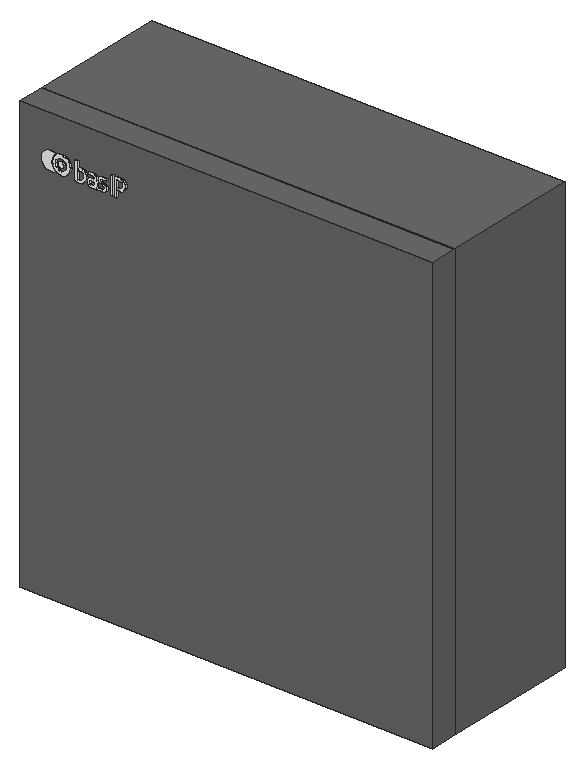
Revit family "BAS-IP_Блок бесперебойного питания_UPS-DP F", category Устройства связи, Revit 2019
Family settings
  Сохранять ориентацию аннотаций = Нет
  Размер круглого соединителя = Использовать диаметр
  Тип детали = Нормальный
  На основе рабочей плоскости = Нет
  Всегда вертикально = Да
  При загрузке вырезать с полостями = Нет
  Общий = Нет
  Точка расчета площади = Нет
Parameters (values of type "UPS-DP F")
  УГО_Смещение_Y [instance] = 0 mm
  УГО_Смещение_X [instance] = 0 mm
  Тип подключаемого оборудования = "Многоабонентская вызывная панель"
  Температурный режим = "-40 – +60 °С"
  Максимальный (кратковременный) ток нагрузки = "3,5 А"
  Габаритные размеры = "180 × 190 × 72 мм"
  Входное напряжение = "AC 100-230 В"
  Корпус = "Металлический"
  Класс степени защиты = "IP30C"
  Изготовитель = "BAS-IP"  # constant formula
  Выходное напряжение = "+12 В"
  ADSK_Размер_Смещение от уровня [instance] = 1000 mm
  ADSK_Примечание [instance] = ""
  ADSK_Позиция [instance] = ""
  ADSK_Наименование = "Блок бесперебойного питания"
  ADSK_Материал = Black silver
  ADSK_Марка = "UPS-DP/F"
  ADSK_Количество = 1  # constant formula
  ADSK_Код изделия = ""
  ADSK_Завод-изготовитель = "BAS-IP"  # constant formula
  ADSK_Единица измерения = "шт."  # constant formula
Reference planes
  plane 1 "По центру (Вперед/Назад)": y = 0
  plane 2: z = 0
  plane 3 "По центру (Влево/Вправо)": x = 0
  plane 4: z = 1000
  plane 5: z = 0
  plane 6: x = 0
  plane 7: y = 0
Forms (mm)
  Extrusion 1, solid, material "Black silver" <- "ADSK_Материал", detail levels medium+fine
    sketch origin (0, 0, 1000) x (1, 0, 0) y (0, 0, 1)
      loop
        line (-90, 190) -> (-90, 0) -> (90, 0) -> (90, 190) -> (-90, 190)
    from 0 to 60
  Extrusion 2, solid, material "Black silver" <- "ADSK_Материал", detail levels medium+fine
    sketch origin (0, 0, 1000) x (1, 0, 0) y (0, 0, 1)
      loop
        line (-90, 0) -> (90, 0) -> (90, 190) -> (-90, 190) -> (-90, 0)
    from 60 to 72
  Extrusion 3, solid, material "Black silver" <- "ADSK_Материал", not visible, detail levels medium+fine
    sketch origin (0, 0, 0) x (1, 0, 0) y (0, 0, 1)
      loop
        line (-90, 190) -> (-90, 0) -> (90, 0) -> (90, 190) -> (-90, 190)
    from 0 to 60
  Extrusion 4, solid, material "Black silver" <- "ADSK_Материал", not visible, detail levels medium+fine
    sketch origin (0, 0, 0) x (1, 0, 0) y (0, 0, 1)
      loop
        line (-90, 0) -> (90, 0) -> (90, 190) -> (-90, 190) -> (-90, 0)
    from 60 to 72
Dimensions and locks
  "ADSK_Размер_Смещение от уровня": plane 4 to plane 2
  "УГО_Смещение_X": plane 3 "По центру (Влево/Вправо)" to plane 6
  "УГО_Смещение_Y": plane 7 to plane 1 "По центру (Вперед/Назад)"
  aligned and locked: level to plane 2
  aligned and locked: Extrusion 2 to plane 4
  aligned and locked: plane 6 to nested 3
  aligned and locked: nested 3 to plane 7
Automatic sketch dimensions
  Extrusion 1 sketch curve to Extrusion 1 sketch curve = 180 mm
  Extrusion 1 sketch curve to Extrusion 1 sketch curve = 190 mm
  Extrusion 2 sketch curve to Extrusion 2 sketch curve = 180 mm
  Extrusion 2 sketch curve to Extrusion 2 sketch curve = 190 mm
  Extrusion 3 sketch curve to Extrusion 3 sketch curve = 180 mm
  Extrusion 3 sketch curve to Extrusion 3 sketch curve = 190 mm
  Extrusion 4 sketch curve to Extrusion 4 sketch curve = 180 mm
  Extrusion 4 sketch curve to Extrusion 4 sketch curve = 190 mm
Nested families
  nested 1: "BAS-IP_Logo_M" at (-61.445, -71.5, 1164.107), type "BAS-IP_Logo_M", detail levels fine
    with Материал Silver
  nested 2: "BAS-IP_Logo_M" at (-61.445, -71.5, 164.107), type "BAS-IP_Logo_M", not visible, detail levels fine
    with Материал Silver
  nested 3: "УГО_Блок бесперебойного питания" at (0, 0, 0), type "УГО_Блок бесперебойного питания", detail levels coarse+medium
Connectors
  electrical at (0, -30, 1000)
    settings: on Extrusion 1, index 1, voltage 0 V, apparent load 0 VA, apparent load phase1 0 VA, apparent load phase2 0 VA, apparent load phase3 0 VA, power factor 1, load classification "Прочее", number of poles 1, system type 13, power factor state 1, is connector primary yes, connector utility no, sub classification motor no, connector description ""
Definition of nested family "BAS-IP_Logo_M"
  Parameters (values of type "BAS-IP_Logo_M")
    Материал [instance] = none
  Reference planes
    plane 1 "По центру (Вперед/Назад)": y = 0
    plane 2: z = 0
    plane 3 "По центру (Влево/Вправо)": x = 0
  Forms (mm)
    Extrusion 1, solid, material <- "Материал"
      sketch origin (0, 0, 0) x (1, 0, 0) y (0, 0, 1)
        loop
          circle (-10.243, 7.572) r 4
        loop
          circle (-10.243, 7.572) r 2.5
        loop
          circle (-10.243, 7.572) r 1.243
        loop
          line (-4.278, 11.609) -> (-4.278, 3.732)
          arc (-4.278, 3.732) -> (-2.247, 3.328) -> (-0.257, 3.903) r 4.38
          arc (-0.257, 3.903) -> (0.741, 6.101) -> (0.156, 8.443) r 3.668
          arc (0.156, 8.443) -> (-1.569, 9.278) -> (-3.12, 8.15) r 1.865
          line (-3.12, 8.15) -> (-3.12, 11.609) -> (-4.278, 11.609)
        loop
          line (4.381, 6.953) -> (2.708, 6.953)
          arc (2.708, 6.953) -> (1.143, 5.381) -> (2.193, 3.427) r 1.862
          line (2.193, 3.427) -> (5.385, 3.427)
          spline (5.385, 3.427) -> (5.486, 5.401) -> (5.48, 6.79) -> (5.388, 7.706) -> (5.23, 8.264) -> (5.026, 8.577) -> (4.796, 8.758) -> (4.549, 8.897) -> (4.259, 9.009) -> (3.891, 9.099) -> (3.39, 9.158) -> (2.65, 9.166) -> (1.566, 9.098)
          line (1.566, 9.098) -> (1.566, 8.205) -> (3.504, 8.205)
          arc (3.504, 8.205) -> (4.308, 7.835) -> (4.381, 6.953) r 0.878
        loop
          line (4.435, 6.281) -> (2.787, 6.281)
          arc (2.787, 6.281) -> (2.181, 5.255) -> (2.787, 4.229) r 1.171
          line (2.787, 4.229) -> (4.435, 4.229) -> (4.435, 6.281)
        loop
          line (-3.12, 7.277) -> (-3.12, 4.229)
          spline (-3.12, 4.229) -> (-1.778, 4.351) -> (-1.027, 4.671) -> (-0.608, 5.124) -> (-0.387, 5.678) -> (-0.289, 6.314) -> (-0.287, 6.974) -> (-0.427, 7.548) -> (-0.729, 7.952) -> (-1.126, 8.215) -> (-1.608, 8.34) -> (-2.312, 8.201) -> (-3.12, 7.277)
        loop
          spline (9.581, 9.006) -> (7.442, 9.112) -> (6.715, 8.885) -> (6.189, 8.423) -> (5.956, 7.76) -> (6.101, 7.123) -> (6.592, 6.658) -> (7.485, 6.226) -> (8.365, 5.733) -> (8.728, 5.173) -> (8.637, 4.701) -> (7.962, 4.38) -> (5.949, 4.472)
          line (5.949, 4.472) -> (5.865, 3.511)
          spline (5.865, 3.511) -> (7.993, 3.471) -> (9.031, 3.799) -> (9.606, 4.389) -> (9.789, 5.108) -> (9.608, 5.795) -> (9.176, 6.297) -> (8.515, 6.666) -> (7.712, 7.034) -> (7.093, 7.494) -> (7.013, 7.974) -> (7.796, 8.265) -> (9.507, 8.157)
          line (9.507, 8.157) -> (9.581, 9.006)
        loop
          line (11.296, 11.417) -> (11.296, 3.427) -> (12.325, 3.427) -> (12.325, 11.417) -> (11.296, 11.417)
        loop
          line (13.064, 11.417) -> (13.064, 3.427) -> (14.049, 3.427) -> (14.049, 6.359) -> (15.37, 6.359)
          arc (15.37, 6.359) -> (17.899, 8.888) -> (15.37, 11.417) r 2.529
          line (15.37, 11.417) -> (13.064, 11.417)
        loop
          line (14.049, 7.221) -> (15.318, 7.221)
          arc (15.318, 7.221) -> (16.739, 8.701) -> (15.638, 10.433) r 1.661
          line (15.638, 10.433) -> (14.049, 10.433) -> (14.049, 7.221)
      from 0 to 1
    Extrusion 2, solid, material <- "Материал"
      sketch origin (0, 0, 0) x (1, 0, 0) y (0, 0, 1)
        loop
          arc (-12.57, 10.825) -> (-18.868, 7.551) -> (-12.57, 4.276) r 4
          arc (-12.57, 4.276) -> (-14.235, 7.551) -> (-12.57, 10.825) r 4.053
      from 0 to 1
  Dimensions and locks
    aligned and locked: level to plane 2
Definition of nested family "УГО_Блок бесперебойного питания"
  Reference planes
    plane 1: y = 0
    plane 2: x = 0
  Lines and regions (mm)
    detail lines
      curve 1: line (-3.5, -5, 0) -> (-3.5, 0, 0)
      curve 2: line (3.5, -5, 0) -> (-3.5, -5, 0)
      curve 3: line (3.5, 0, 0) -> (3.5, -5, 0)
      curve 4: line (-3.5, 0, 0) -> (3.5, 0, 0)
  Text (mm)
    text "UPS" at (-2.919, -0.758, 0)
